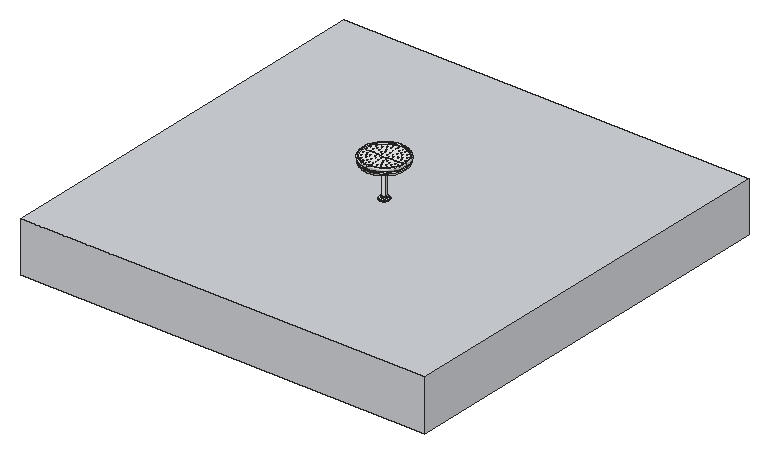
Revit family (continued)
Definition of nested family "13693-base"
  Automatic sketch dimensions
    curve 43 to curve 44 = 0' - 0.11152"
    curve 44 to curve 45 = 0' - 0.11557"
    curve 45 to curve 46 = 0' - 0.13"
    curve 46 to curve 47 = 0' - 0.15114"
    curve 50 to plane 5 "Bottom" = 0' - 1.53186"
    curve 50 to curve 49 = 0' - 0.33871"
    curve 49 to curve 48 = 0' - 0.1306"
    curve 48 to curve 51 = 0' - 0.01632"
    curve 51 to curve 52 = 0' - 0.18528"
    curve 52 to curve 53 = 0' - 0.02421"
    curve 53 to curve 54 = 0' - 0.31949"
    plane 1 "Center (Front/Back)" to Extrusion 2 sketch curve = 0' - 0"
    Extrusion 2 sketch curve to plane 3 "Center (Left/Right)" = 0' - 0"
    Masking region 4 sketch curve to level = 0' - 0"
    Masking region 4 sketch curve to plane 7 "Left" = 0' - 0"
    Masking region 4 sketch curve to plane 8 "Right" = 0' - 0"
    Masking region 4 sketch curve to plane 5 "Bottom" = 0' - 0"
    Masking region 5 sketch curve to plane 5 "Bottom" = 0' - 0"
    Masking region 5 sketch curve to plane 6 "Front" = 0' - 0"
    Masking region 5 sketch curve to level = 0' - 0"
    Masking region 5 sketch curve to plane 4 "Back" = 0' - 0"
    Revolve 1 sketch curve to plane 5 "Bottom" = 0' - 0"
    Revolve 1 sketch curve to level = 0' - 0"
    Revolve 1 sketch curve to plane 3 "Center (Left/Right)" = 0' - 0"
    Revolve 1 sketch curve to plane 3 "Center (Left/Right)" = 0' - 0.07214"
    Revolve 1 sketch curve to plane 3 "Center (Left/Right)" = 0' - 0.26335"
    Revolve 1 sketch curve to plane 3 "Center (Left/Right)" = 0' - 0.33168"
    Revolve 1 sketch curve to Revolve 1 sketch curve = 0' - 0.01568"
    Revolve 1 sketch curve to Revolve 1 sketch curve = 0' - 0.03259"
    Revolve 1 sketch curve to plane 3 "Center (Left/Right)" = 0' - 0 13/32"
    Revolve 1 sketch curve to Revolve 1 sketch curve = 0' - 0.10252"
    Revolve 1 sketch curve to Revolve 1 sketch curve = 0' - 0.19122"
    Revolve 1 sketch curve to Revolve 1 sketch curve = 0' - 0.06779"
    Revolve 1 sketch curve to Revolve 1 sketch curve = 0' - 0.07587"
    Revolve 1 sketch curve to Revolve 1 sketch curve = 0' - 0.01988"
    Revolve 1 sketch curve to Revolve 1 sketch curve = 0' - 0.01241"
    Revolve 1 sketch curve to Revolve 1 sketch curve = 0' - 0.14439"
    Revolve 1 sketch curve to Revolve 1 sketch curve = 0' - 0.00399"
    Revolve 1 sketch curve to Revolve 1 sketch curve = 0' - 0.05969"
    Revolve 1 sketch curve to Revolve 1 sketch curve = 0' - 0.06054"
    Revolve 1 sketch curve to Revolve 1 sketch curve = 0' - 0.08392"
    Revolve 1 sketch curve to Revolve 1 sketch curve = 0' - 0.42276"
    Revolve 1 sketch curve to Revolve 1 sketch curve = 0' - 0.05404"
    Revolve 1 sketch curve to Revolve 1 sketch curve = 0' - 0.40377"
    Revolve 1 sketch curve to Revolve 1 sketch curve = 0' - 0.0007"
    Revolve 1 sketch curve to Revolve 1 sketch curve = 0' - 0.00654"
    level to Revolve 1 sketch curve = 0' - 0.16628"
    Revolve 1 sketch curve to Revolve 1 sketch curve = 0' - 0.01689"
    Revolve 1 sketch curve to Revolve 1 sketch curve = 0' - 0.02679"
    level to Revolve 1 sketch curve = 0' - 0.03783"
    Revolve 1 sketch curve to Revolve 1 sketch curve = 0' - 0.25618"
    plane 7 "Left" to Revolve 1 sketch curve = 0' - 0.61208"
    plane 7 "Left" to Revolve 1 sketch curve = 0' - 0.38809"
    plane 7 "Left" to Revolve 1 sketch curve = 0' - 0.36817"
    Revolve 1 sketch curve to plane 5 "Bottom" = 0' - 0.0404"
    Revolve 1 sketch curve to Revolve 1 sketch curve = 0' - 0.03415"
    Revolve 1 sketch curve to Revolve 1 sketch curve = 0' - 0.06317"
    Revolve 1 sketch curve to Revolve 1 sketch curve = 0' - 0.06593"
    Revolve 1 sketch curve to Revolve 1 sketch curve = 0' - 0.07826"
    plane 7 "Left" to Revolve 1 sketch curve = 0' - 0.17625"
    Revolve 1 sketch curve to Revolve 1 sketch curve = 0' - 0.00904"
    Revolve 1 sketch curve to Revolve 1 sketch curve = 0' - 0.03331"
    plane 7 "Left" to Revolve 1 sketch curve = 0' - 0.11016"
    plane 7 "Left" to Revolve 1 sketch curve = 0' - 0.10808"
    Revolve 1 sketch curve to Revolve 1 sketch curve = 0' - 0.03836"
    Revolve 1 sketch curve to Revolve 1 sketch curve = 0' - 0.02062"
    Revolve 1 sketch curve to Revolve 1 sketch curve = 0' - 0.04077"
    level to Revolve 1 sketch curve = 0' - 0.28818"
    Revolve 1 sketch curve to Revolve 1 sketch curve = 0' - 0.08082"
    Revolve 1 sketch curve to Revolve 1 sketch curve = 0' - 0.25396"
    Revolve 1 sketch curve to plane 5 "Bottom" = 0' - 3.70036"
    Revolve 1 sketch curve to Revolve 1 sketch curve = 0' - 0.02923"
    Revolve 1 sketch curve to Revolve 1 sketch curve = 0' - 0.09733"
    Revolve 1 sketch curve to Revolve 1 sketch curve = 0' - 0.02455"
    Revolve 1 sketch curve to Revolve 1 sketch curve = 0' - 0.59831"
    Revolve 1 sketch curve to Revolve 1 sketch curve = 0' - 0.00312"
    Revolve 1 sketch curve to Revolve 1 sketch curve = 0' - 0.12564"
    Revolve 1 sketch curve to Revolve 1 sketch curve = 0' - 0.06148"
    Revolve 1 sketch curve to Revolve 1 sketch curve = 0' - 0.16711"
    Revolve 1 sketch curve to Revolve 1 sketch curve = 0' - 0.13"
    Revolve 1 sketch curve to Revolve 1 sketch curve = 0' - 0.15118"
    Revolve 1 sketch curve to Revolve 1 sketch curve = 0' - 1.45783"
    Revolve 1 sketch curve to Revolve 1 sketch curve = 0' - 0.33817"
    Revolve 1 sketch curve to Revolve 1 sketch curve = 0' - 0.1311"
    Revolve 1 sketch curve to Revolve 1 sketch curve = 0' - 0.01628"
    Revolve 1 sketch curve to Revolve 1 sketch curve = 0' - 0.18532"
    Revolve 1 sketch curve to Revolve 1 sketch curve = 0' - 0.02428"
    Revolve 1 sketch curve to Revolve 1 sketch curve = 0' - 0.31939"
    Revolve 1 sketch curve to Revolve 1 sketch curve = 0' - 0.04953"
    Extrusion 3 sketch curve to plane 6 "Front" = 0' - 0"
    Extrusion 3 sketch curve to plane 7 "Left" = 0' - 0"
    Extrusion 3 sketch curve to plane 8 "Right" = 0' - 0"
    Extrusion 3 sketch curve to plane 4 "Back" = 0' - 0"
    plane 1 "Center (Front/Back)" to Masking region 6 sketch curve = 0' - 0"
    Masking region 6 sketch curve to plane 3 "Center (Left/Right)" = 0' - 0"
    curve 191 to curve 192 = 0' - 0"  (x2)
    plane 1 "Center (Front/Back)" to curve 191 = 0' - 0"
    curve 191 to plane 3 "Center (Left/Right)" = 0' - 0"
    curve 1 to curve 2 = 0' - 0"  (x2)
    curve 3 to curve 4 = 0' - 0"  (x2)
    curve 5 to curve 6 = 0' - 0"  (x2)
    curve 7 to curve 8 = 0' - 0"  (x2)
    curve 9 to curve 10 = 0' - 0"  (x2)
    curve 55 to curve 56 = 0' - 0"  (x2)
    curve 57 to curve 58 = 0' - 0"  (x2)
    curve 59 to curve 60 = 0' - 0"  (x2)
    curve 61 to curve 62 = 0' - 0"  (x2)
    curve 63 to curve 64 = 0' - 0"  (x2)
    curve 65 to curve 66 = 0' - 0"  (x4)
    curve 67 to curve 68 = 0' - 0"  (x3)
    curve 69 to curve 70 = 0' - 0"  (x4)
    curve 71 to curve 72 = 0' - 0"  (x2)
    curve 73 to curve 74 = 0' - 0"  (x3)
    curve 75 to curve 76 = 0' - 0"  (x3)
    curve 77 to curve 78 = 0' - 0"  (x3)
    curve 79 to curve 80 = 0' - 0"  (x4)
    curve 81 to curve 82 = 0' - 0"  (x2)
    curve 83 to curve 84 = 0' - 0"  (x2)
    curve 85 to curve 86 = 0' - 0"  (x2)
    curve 87 to curve 88 = 0' - 0"  (x2)
    curve 89 to curve 90 = 0' - 0"  (x2)
    curve 91 to curve 92 = 0' - 0"  (x2)
    curve 93 to curve 94 = 0' - 0"  (x2)
    curve 95 to curve 96 = 0' - 0"  (x2)
    curve 97 to curve 98 = 0' - 0"  (x2)
    curve 99 to curve 100 = 0' - 0"  (x2)
    curve 101 to curve 102 = 0' - 0"  (x2)
    curve 103 to curve 104 = 0' - 0"  (x2)
    curve 105 to curve 106 = 0' - 0"  (x2)
    curve 107 to curve 108 = 0' - 0"  (x2)
    curve 109 to curve 110 = 0' - 0"  (x2)
    curve 111 to curve 112 = 0' - 0"  (x2)
    curve 113 to curve 114 = 0' - 0"  (x2)
    curve 115 to curve 116 = 0' - 0"  (x2)
    curve 117 to curve 118 = 0' - 0"  (x2)
    curve 119 to curve 120 = 0' - 0"  (x2)
    curve 121 to curve 122 = 0' - 0"  (x2)
    curve 123 to curve 124 = 0' - 0"  (x2)
    curve 125 to curve 126 = 0' - 0"  (x2)
    curve 127 to curve 128 = 0' - 0"  (x2)
    curve 129 to curve 130 = 0' - 0"  (x2)
    curve 131 to curve 132 = 0' - 0"  (x2)
    curve 133 to curve 134 = 0' - 0"  (x2)
    curve 135 to curve 136 = 0' - 0"  (x2)
    curve 137 to curve 138 = 0' - 0"  (x2)
    curve 139 to curve 140 = 0' - 0"  (x2)
    curve 141 to curve 142 = 0' - 0"  (x2)
    curve 143 to curve 144 = 0' - 0"  (x2)
    curve 145 to curve 146 = 0' - 0"  (x2)
    curve 147 to curve 148 = 0' - 0"  (x2)
    curve 149 to curve 150 = 0' - 0"  (x2)
    curve 151 to curve 152 = 0' - 0"  (x2)
    curve 153 to curve 154 = 0' - 0"  (x2)
    curve 155 to curve 156 = 0' - 0"  (x2)
    curve 157 to curve 158 = 0' - 0"  (x2)
    curve 159 to curve 160 = 0' - 0"  (x2)
    curve 161 to curve 162 = 0' - 0"  (x2)
    curve 163 to curve 164 = 0' - 0"  (x2)
    curve 165 to curve 166 = 0' - 0"  (x2)
    curve 167 to curve 168 = 0' - 0"  (x2)
    curve 169 to curve 170 = 0' - 0"  (x2)
    curve 171 to curve 172 = 0' - 0"  (x2)
    curve 173 to curve 174 = 0' - 0"  (x2)
    curve 175 to curve 176 = 0' - 0"  (x2)
    curve 177 to curve 178 = 0' - 0"  (x2)
    curve 179 to curve 180 = 0' - 0"  (x2)
    curve 181 to curve 182 = 0' - 0"  (x2)
    curve 183 to curve 184 = 0' - 0"  (x2)
    curve 185 to curve 186 = 0' - 0"  (x2)
    curve 187 to curve 188 = 0' - 0"  (x2)
    curve 189 to curve 190 = 0' - 0"  (x2)
    curve 193 to curve 194 = 0' - 0"  (x2)
    curve 195 to curve 196 = 0' - 0"  (x2)
    curve 197 to curve 198 = 0' - 0"  (x2)
    curve 199 to curve 200 = 0' - 0"  (x2)
    curve 201 to curve 202 = 0' - 0"  (x2)
    curve 73 to plane 1 "Center (Front/Back)" = 0' - 0.07254"
    curve 73 to plane 8 "Right" = 0' - 0.97072"
    curve 73 to plane 1 "Center (Front/Back)" = 0' - 0"
    curve 73 to curve 73 = 0' - 0"
    curve 73 to curve 89 = 0' - 0.12597"
    curve 73 to curve 86 = 0' - 0.12597"
    curve 85 to curve 86 = 0' - 0.01878"
    curve 89 to curve 89 = 0' - 0.01878"  (x2)
    curve 85 to curve 85 = 0' - 0.01878"
    curve 85 to curve 172 = 0' - 0.36934"
    curve 89 to curve 181 = 0' - 0.36934"
    curve 181 to curve 181 = 0' - 0.03627"
    curve 172 to curve 172 = 0' - 0.03627"
    curve 171 to curve 172 = 0' - 0.03627"
    curve 181 to curve 182 = 0' - 0.03627"
    curve 76 to plane 1 "Center (Front/Back)" = 0' - 0.07254"
    curve 73 to curve 76 = 0' - 0.84593"
    curve 76 to plane 1 "Center (Front/Back)" = 0' - 0"
    curve 75 to curve 75 = 0' - 0"
    curve 75 to curve 91 = 0' - 0.09715"
    curve 75 to curve 87 = 0' - 0.09715"
    curve 87 to curve 88 = 0' - 0.01878"  (x2)
    curve 91 to curve 92 = 0' - 0.01878"
    curve 91 to curve 91 = 0' - 0.01878"
    curve 171 to curve 121 = 0' - 0.58752"
    curve 181 to curve 125 = 0' - 0.58752"
    curve 126 to curve 125 = 0' - 0.0513"  (x2)
    curve 121 to curve 122 = 0' - 0.0513"
    curve 91 to curve 183 = 0' - 0.28483"
    curve 88 to curve 173 = 0' - 0.28483"
    curve 121 to curve 121 = 0' - 0.0513"
    curve 125 to curve 125 = 0' - 0.0513"
    curve 174 to curve 174 = 0' - 0.03627"
    curve 184 to curve 183 = 0' - 0.03627"
    curve 183 to curve 183 = 0' - 0.03627"
    curve 173 to curve 174 = 0' - 0.03627"
    curve 77 to plane 1 "Center (Front/Back)" = 0' - 0.07254"
    curve 75 to curve 77 = 0' - 0.8498"
    curve 78 to plane 1 "Center (Front/Back)" = 0' - 0"
    curve 77 to curve 77 = 0' - 0"
    curve 173 to curve 124 = 0' - 0.45309"
    curve 183 to curve 127 = 0' - 0.45309"
    curve 123 to curve 123 = 0' - 0.0513"  (x2)
    curve 127 to curve 127 = 0' - 0.0513"  (x3)
    curve 183 to curve 185 = 0' - 0.73595"
    curve 173 to curve 175 = 0' - 0.73595"
    curve 176 to curve 175 = 0' - 0.03627"
    curve 186 to curve 185 = 0' - 0.03627"
    curve 125 to curve 154 = 0' - 0.76568"
    curve 121 to curve 129 = 0' - 0.76568"
    curve 185 to curve 185 = 0' - 0.03627"
    curve 175 to curve 175 = 0' - 0.03627"
    curve 153 to curve 154 = 0' - 0.06282"  (x2)
    curve 129 to curve 129 = 0' - 0.06282"  (x2)
    curve 127 to curve 156 = 0' - 0.59048"
    curve 123 to curve 132 = 0' - 0.59048"
    curve 79 to plane 1 "Center (Front/Back)" = 0' - 0.07255"
    curve 77 to curve 79 = 0' - 0.85058"
    curve 80 to plane 1 "Center (Front/Back)" = 0' - 0"
    curve 131 to curve 132 = 0' - 0.06282"
    curve 155 to curve 155 = 0' - 0.06282"
    curve 155 to curve 156 = 0' - 0.06282"
    curve 131 to curve 131 = 0' - 0.06282"
    curve 79 to curve 188 = 0' - 0.19172"
    curve 79 to curve 177 = 0' - 0.19172"
    curve 187 to curve 188 = 0' - 0.03627"  (x2)
    curve 178 to curve 178 = 0' - 0.03627"  (x2)
    curve 131 to curve 134 = 0' - 0.4249"
    curve 155 to curve 157 = 0' - 0.4249"
    curve 134 to curve 134 = 0' - 0.06282"
    curve 157 to curve 158 = 0' - 0.06282"
    curve 157 to curve 157 = 0' - 0.06282"
    curve 133 to curve 133 = 0' - 0.06282"
    curve 129 to curve 102 = 0' - 0.89165"
    curve 153 to curve 105 = 0' - 0.89165"
    curve 106 to curve 106 = 0' - 0.07007"
    curve 101 to curve 102 = 0' - 0.07007"
    curve 105 to curve 105 = 0' - 0.07007"
    curve 101 to curve 101 = 0' - 0.07007"
    curve 155 to curve 108 = 0' - 0.68763"
    curve 131 to curve 103 = 0' - 0.68763"
    curve 177 to curve 135 = 0' - 0.52378"
    curve 187 to curve 159 = 0' - 0.52378"
    curve 104 to curve 104 = 0' - 0.07007"
    curve 108 to curve 108 = 0' - 0.07007"
    curve 135 to curve 135 = 0' - 0.06282"
    curve 159 to curve 159 = 0' - 0.06282"
    curve 103 to curve 104 = 0' - 0.07007"
    curve 107 to curve 108 = 0' - 0.07007"
    curve 159 to curve 160 = 0' - 0.06282"
    curve 135 to curve 136 = 0' - 0.06282"
    curve 179 to plane 1 "Center (Front/Back)" = 0' - 0.36195"
    plane 3 "Center (Left/Right)" to curve 179 = 0' - 0.772"
    plane 1 "Center (Front/Back)" to curve 190 = 0' - 0.36195"
    curve 190 to curve 180 = 0' - 0"
    curve 189 to curve 190 = 0' - 0.03627"  (x2)
    curve 179 to curve 179 = 0' - 0.03627"  (x2)
    plane 3 "Center (Left/Right)" to curve 4 = 0' - 0.07255"
    plane 3 "Center (Left/Right)" to curve 8 = 0' - 0.07255"
    plane 3 "Center (Left/Right)" to curve 62 = 0' - 0.07255"
    plane 3 "Center (Left/Right)" to curve 9 = 0' - 0.07255"
    plane 3 "Center (Left/Right)" to curve 6 = 0' - 0.07255"
    plane 3 "Center (Left/Right)" to curve 2 = 0' - 0.07255"
    plane 3 "Center (Left/Right)" to curve 55 = 0' - 0.07255"
    plane 3 "Center (Left/Right)" to curve 63 = 0' - 0.07255"
    plane 3 "Center (Left/Right)" to curve 57 = 0' - 0.07255"
    plane 3 "Center (Left/Right)" to curve 59 = 0' - 0.07255"
    plane 3 "Center (Left/Right)" to curve 61 = 0' - 0"
    plane 3 "Center (Left/Right)" to curve 60 = 0' - 0"
    plane 3 "Center (Left/Right)" to curve 58 = 0' - 0"
    plane 3 "Center (Left/Right)" to curve 3 = 0' - 0"
    plane 3 "Center (Left/Right)" to curve 56 = 0' - 0"
    plane 3 "Center (Left/Right)" to curve 10 = 0' - 0"
    plane 3 "Center (Left/Right)" to curve 2 = 0' - 0"
    plane 3 "Center (Left/Right)" to curve 8 = 0' - 0"
    plane 3 "Center (Left/Right)" to curve 63 = 0' - 0"
    plane 3 "Center (Left/Right)" to curve 6 = 0' - 0"
    curve 202 to plane 3 "Center (Left/Right)" = 0' - 0.69946"
    curve 169 to plane 3 "Center (Left/Right)" = 0' - 0.69946"
    curve 170 to curve 169 = 0' - 0.03627"
    curve 201 to curve 202 = 0' - 0.03627"
    curve 169 to curve 170 = 0' - 0.03627"
    curve 201 to curve 201 = 0' - 0.03627"
    curve 7 to curve 143 = 0' - 0.7155"
    curve 61 to curve 151 = 0' - 0.7155"
    curve 3 to curve 100 = 0' - 0.73792"
    curve 57 to curve 112 = 0' - 0.73792"
    curve 151 to curve 151 = 0' - 0.06282"  (x2)
    curve 143 to curve 143 = 0' - 0.06282"  (x2)
    curve 99 to curve 100 = 0' - 0.07007"
    curve 111 to curve 112 = 0' - 0.07007"  (x2)
    curve 99 to curve 99 = 0' - 0.07007"
    curve 111 to curve 109 = 0' - 0.21894"
    curve 99 to curve 97 = 0' - 0.21894"
    curve 109 to curve 109 = 0' - 0.07007"  (x2)
    curve 97 to curve 98 = 0' - 0.07007"
    curve 97 to curve 97 = 0' - 0.07007"
    curve 152 to curve 149 = 0' - 0.42529"
    curve 144 to curve 141 = 0' - 0.42529"
    curve 149 to curve 150 = 0' - 0.06282"
    curve 142 to curve 141 = 0' - 0.06282"
    curve 141 to curve 141 = 0' - 0.06282"
    curve 149 to curve 149 = 0' - 0.06282"
    curve 143 to curve 168 = 0' - 0.52378"
    curve 151 to curve 200 = 0' - 0.52378"
    curve 168 to curve 167 = 0' - 0.03627"
    curve 199 to curve 200 = 0' - 0.03627"
    curve 199 to curve 199 = 0' - 0.03627"
    curve 167 to curve 168 = 0' - 0.03627"
    curve 99 to curve 140 = 0' - 0.68763"
    curve 111 to curve 148 = 0' - 0.68763"
    curve 148 to curve 147 = 0' - 0.06282"
    curve 139 to curve 139 = 0' - 0.06282"  (x2)
    plane 1 "Center (Front/Back)" to curve 72 = 0' - 0.07254"
    curve 199 to curve 72 = 0' - 0.19172"
    curve 71 to plane 1 "Center (Front/Back)" = 0' - 0"
    curve 71 to curve 71 = 0' - 0"  (x2)
    curve 147 to curve 148 = 0' - 0.06282"
    curve 148 to curve 146 = 0' - 0.42296"
    curve 140 to curve 138 = 0' - 0.42296"
    curve 137 to curve 138 = 0' - 0.06282"  (x2)
    curve 146 to curve 146 = 0' - 0.06282"
    curve 168 to curve 165 = 0' - 0.73662"
    curve 199 to curve 198 = 0' - 0.73662"
    curve 145 to curve 145 = 0' - 0.06282"
    curve 166 to curve 166 = 0' - 0.03627"
    curve 198 to curve 198 = 0' - 0.03627"
    curve 165 to curve 165 = 0' - 0.03627"
    curve 197 to curve 198 = 0' - 0.03627"
    curve 147 to curve 115 = 0' - 0.59048"
    curve 140 to curve 120 = 0' - 0.59048"
    curve 115 to curve 116 = 0' - 0.0513"  (x3)
    curve 119 to curve 120 = 0' - 0.0513"
    curve 119 to curve 119 = 0' - 0.0513"  (x2)
    plane 1 "Center (Front/Back)" to curve 70 = 0' - 0.07254"
    curve 72 to curve 70 = 0' - 0.85058"
    curve 70 to plane 1 "Center (Front/Back)" = 0' - 0"
    curve 115 to curve 195 = 0' - 0.45309"
    curve 119 to curve 163 = 0' - 0.45309"
    curve 163 to curve 163 = 0' - 0.03627"
    curve 195 to curve 196 = 0' - 0.03627"
    curve 119 to curve 118 = 0' - 0.59816"
    curve 115 to curve 114 = 0' - 0.59816"
    curve 195 to curve 195 = 0' - 0.03627"
    curve 163 to curve 164 = 0' - 0.03627"
    curve 117 to curve 118 = 0' - 0.0513"  (x2)
    curve 113 to curve 113 = 0' - 0.0513"  (x2)
    curve 113 to curve 114 = 0' - 0.0513"
    curve 163 to curve 83 = 0' - 0.28483"
    curve 195 to curve 96 = 0' - 0.28483"
    curve 84 to curve 83 = 0' - 0.01878"
    curve 96 to curve 96 = 0' - 0.01878"
    curve 95 to curve 96 = 0' - 0.01878"
    curve 83 to curve 83 = 0' - 0.01878"
    plane 1 "Center (Front/Back)" to curve 67 = 0' - 0.07254"
    curve 95 to curve 67 = 0' - 0.09715"
    curve 68 to plane 1 "Center (Front/Back)" = 0' - 0"
    curve 67 to curve 67 = 0' - 0"
    curve 163 to curve 162 = 0' - 0.73259"
    curve 195 to curve 193 = 0' - 0.73259"
    curve 193 to curve 194 = 0' - 0.03627"
    curve 161 to curve 162 = 0' - 0.03627"
    curve 161 to curve 161 = 0' - 0.03627"
    curve 193 to curve 193 = 0' - 0.03627"
    curve 84 to curve 82 = 0' - 0.8171"
    curve 96 to curve 93 = 0' - 0.8171"
    curve 93 to curve 94 = 0' - 0.01878"  (x2)
    curve 81 to curve 82 = 0' - 0.01878"
    curve 81 to curve 81 = 0' - 0.01878"
    plane 1 "Center (Front/Back)" to curve 65 = 0' - 0.07254"
    curve 67 to curve 65 = 0' - 0.84593"
    curve 66 to plane 1 "Center (Front/Back)" = 0' - 0"
    curve 179 to curve 179 = 0' - 0.06282"
    curve 170 to plane 1 "Center (Front/Back)" = 0' - 0.42478"
    curve 169 to curve 169 = 0' - 0.06282"
    curve 177 to curve 79 = 0' - 0.7155"
    curve 168 to curve 71 = 0' - 0.7155"
    curve 87 to curve 75 = 0' - 0.73792"
    curve 84 to curve 67 = 0' - 0.73792"
    curve 10 to curve 179 = 0' - 0.36195"
    curve 167 to curve 168 = 0' - 0.06282"
    curve 177 to curve 178 = 0' - 0.06282"
    curve 83 to curve 83 = 0' - 0.07007"
    curve 87 to curve 87 = 0' - 0.07007"
    curve 86 to curve 88 = 0' - 0.21894"
    curve 82 to curve 84 = 0' - 0.21894"
    curve 82 to curve 81 = 0' - 0.07007"
    curve 86 to curve 85 = 0' - 0.07007"
    curve 175 to curve 178 = 0' - 0.42529"
    curve 166 to curve 168 = 0' - 0.42529"
    curve 176 to curve 176 = 0' - 0.06282"
    curve 165 to curve 165 = 0' - 0.06282"
    curve 135 to curve 178 = 0' - 0.52378"
    curve 144 to curve 167 = 0' - 0.52378"
    curve 135 to curve 135 = 0' - 0.03627"
    curve 143 to curve 143 = 0' - 0.03627"
    curve 173 to curve 88 = 0' - 0.68763"
    curve 163 to curve 83 = 0' - 0.68763"
    curve 164 to curve 164 = 0' - 0.06282"
    curve 174 to curve 174 = 0' - 0.06282"
    curve 8 to curve 135 = 0' - 0.19172"
    curve 171 to curve 174 = 0' - 0.42296"
    curve 161 to curve 164 = 0' - 0.42296"
    curve 172 to curve 172 = 0' - 0.06282"
    curve 161 to curve 162 = 0' - 0.06282"
    curve 142 to curve 143 = 0' - 0.73662"
    curve 134 to curve 135 = 0' - 0.73662"
    curve 134 to curve 134 = 0' - 0.03627"
    curve 142 to curve 141 = 0' - 0.03627"
    curve 124 to curve 173 = 0' - 0.59048"
    curve 119 to curve 163 = 0' - 0.59048"
    curve 124 to curve 123 = 0' - 0.0513"
    curve 5 to curve 8 = 0' - 0.85058"
    curve 131 to curve 123 = 0' - 0.45309"
    curve 140 to curve 119 = 0' - 0.45309"
    curve 132 to curve 131 = 0' - 0.03627"
    curve 140 to curve 139 = 0' - 0.03627"
    curve 118 to curve 120 = 0' - 0.59816"
    curve 122 to curve 124 = 0' - 0.59816"
    curve 118 to curve 117 = 0' - 0.0513"
    curve 122 to curve 121 = 0' - 0.0513"
    curve 99 to curve 140 = 0' - 0.28483"
    curve 104 to curve 131 = 0' - 0.28483"
    curve 104 to curve 104 = 0' - 0.01878"
    curve 99 to curve 100 = 0' - 0.01878"
    curve 3 to curve 103 = 0' - 0.09715"
    curve 138 to curve 139 = 0' - 0.73259"
    curve 129 to curve 131 = 0' - 0.73259"
    curve 137 to curve 138 = 0' - 0.03627"
    curve 130 to curve 129 = 0' - 0.03627"
    curve 101 to curve 104 = 0' - 0.8171"
    curve 97 to curve 100 = 0' - 0.8171"
    curve 97 to curve 98 = 0' - 0.01878"
    curve 101 to curve 101 = 0' - 0.01878"
    curve 1 to curve 3 = 0' - 0.84593"
    plane 1 "Center (Front/Back)" to curve 202 = 0' - 0.36195"
    curve 202 to curve 201 = 0' - 0.06282"
    curve 189 to curve 190 = 0' - 0.06282"
    curve 71 to curve 200 = 0' - 0.71551"
    curve 79 to curve 187 = 0' - 0.71551"
    curve 75 to curve 92 = 0' - 0.73792"
    curve 67 to curve 96 = 0' - 0.73792"
    curve 189 to curve 63 = 0' - 0.36195"
    curve 188 to curve 187 = 0' - 0.06282"
    curve 199 to curve 200 = 0' - 0.06282"
    curve 95 to curve 96 = 0' - 0.07007"
    curve 91 to curve 91 = 0' - 0.07007"
    curve 92 to curve 90 = 0' - 0.21894"
    curve 96 to curve 94 = 0' - 0.21894"
    curve 89 to curve 90 = 0' - 0.07007"
    curve 93 to curve 93 = 0' - 0.07007"
    curve 199 to curve 197 = 0' - 0.42529"
    curve 188 to curve 186 = 0' - 0.42529"
    curve 197 to curve 198 = 0' - 0.06282"
    curve 186 to curve 185 = 0' - 0.06282"
    curve 187 to curve 160 = 0' - 0.52378"
    curve 199 to curve 152 = 0' - 0.52378"
    curve 152 to curve 151 = 0' - 0.03627"
    curve 159 to curve 160 = 0' - 0.03627"
    curve 95 to curve 196 = 0' - 0.68763"
    curve 92 to curve 184 = 0' - 0.68763"
    curve 196 to curve 195 = 0' - 0.06282"
    curve 184 to curve 183 = 0' - 0.06282"
    curve 159 to curve 62 = 0' - 0.19172"
    curve 196 to curve 194 = 0' - 0.42296"
    curve 184 to curve 181 = 0' - 0.42296"
    curve 194 to curve 194 = 0' - 0.06282"
    curve 181 to curve 182 = 0' - 0.06282"
    curve 159 to curve 158 = 0' - 0.73662"
    curve 151 to curve 150 = 0' - 0.73662"
    curve 157 to curve 157 = 0' - 0.03627"
    curve 149 to curve 150 = 0' - 0.03627"
    curve 183 to curve 127 = 0' - 0.59048"
    curve 195 to curve 115 = 0' - 0.59048"
    curve 62 to curve 59 = 0' - 0.85058"
    curve 127 to curve 156 = 0' - 0.45309"
    curve 115 to curve 147 = 0' - 0.45309"
    curve 147 to curve 148 = 0' - 0.03627"
    curve 155 to curve 155 = 0' - 0.03627"
    curve 128 to curve 126 = 0' - 0.59816"
    curve 116 to curve 113 = 0' - 0.59816"
    curve 155 to curve 107 = 0' - 0.28483"
    curve 147 to curve 112 = 0' - 0.28483"
    curve 107 to curve 107 = 0' - 0.01878"
    curve 112 to curve 111 = 0' - 0.01878"
    curve 107 to curve 57 = 0' - 0.09715"
    curve 147 to curve 146 = 0' - 0.73259"
    curve 156 to curve 153 = 0' - 0.73259"
    curve 145 to curve 146 = 0' - 0.03627"
    curve 153 to curve 153 = 0' - 0.03627"
    curve 108 to curve 105 = 0' - 0.8171"
    curve 112 to curve 109 = 0' - 0.8171"
    curve 110 to curve 110 = 0' - 0.01878"
    curve 105 to curve 106 = 0' - 0.01878"
    curve 57 to curve 55 = 0' - 0.84593"
    plane 7 "Left" to curve 30 = 0' - 0.08746"
    plane 7 "Left" to curve 29 = 0' - 0.09554"
    curve 30 to curve 31 = 0' - 0.02062"
    plane 7 "Left" to curve 32 = 0' - 0.11016"
    curve 29 to curve 28 = 0' - 0.07167"
    curve 28 to curve 27 = 0' - 0.00904"
    plane 7 "Left" to curve 26 = 0' - 0.38809"
    curve 25 to plane 3 "Center (Left/Right)" = 0' - 1.16718"
    level to curve 11 = 0' - 0.03783"  (x2)
    curve 11 to plane 3 "Center (Left/Right)" = 0' - 1.11901"
    curve 11 to curve 12 = 0' - 0.02679"
    curve 25 to curve 24 = 0' - 0.25618"
    curve 24 to curve 23 = 0' - 0.05404"
    curve 12 to curve 13 = 0' - 0.48189"
    curve 16 to plane 3 "Center (Left/Right)" = 0' - 0.49452"
    curve 16 to curve 17 = 0' - 0.00061"
    curve 17 to curve 18 = 0' - 0.01988"
    curve 20 to plane 3 "Center (Left/Right)" = 0' - 0.45457"
    curve 20 to curve 19 = 0' - 0"  (x2)
    curve 13 to curve 14 = 0' - 0.20408"
    curve 16 to curve 15 = 0' - 0.08828"
    curve 20 to curve 21 = 0' - 0.1072"
    curve 21 to curve 22 = 0' - 0.01568"
    plane 3 "Center (Left/Right)" to curve 22 = 0' - 0.33168"
    curve 22 to curve 21 = 0' - 0.01568"
    plane 3 "Center (Left/Right)" to curve 15 = 0' - 0 13/32"
    plane 3 "Center (Left/Right)" to curve 14 = 0' - 0 13/32"
    curve 21 to curve 20 = 0' - 0.1072"
    curve 15 to curve 18 = 0' - 0.06779"
    curve 18 to curve 17 = 0' - 0.01988"
    curve 15 to curve 16 = 0' - 0.08828"
    curve 14 to curve 13 = 0' - 0.20408"
    curve 20 to curve 23 = 0' - 0.40239"
    curve 23 to curve 24 = 0' - 0.05404"
    level to curve 12 = 0' - 0.16628"
    curve 13 to curve 12 = 0' - 0.48189"
    curve 12 to curve 11 = 0' - 0.02679"
    curve 24 to curve 25 = 0' - 0.25618"
    curve 26 to plane 8 "Right" = 0' - 0.38809"
    curve 27 to plane 8 "Right" = 0' - 0.17625"
    curve 27 to curve 28 = 0' - 0.00904"
    curve 32 to plane 8 "Right" = 0' - 0.11016"
    curve 31 to plane 8 "Right" = 0' - 0.10808"
    curve 28 to curve 29 = 0' - 0.07167"
    curve 31 to curve 30 = 0' - 0.02062"
    level to curve 13 = 0' - 0.37506"
    curve 13 to curve 14 = 0' - 0.31351"
    curve 15 to plane 5 "Bottom" = 0' - 3.70036"
    curve 15 to curve 16 = 0' - 0.02923"
    curve 16 to curve 17 = 0' - 0.09733"
    curve 17 to curve 18 = 0' - 0.02455"
    curve 18 to curve 19 = 0' - 0.60143"
    curve 19 to curve 20 = 0' - 0.12564"
    curve 20 to curve 21 = 0' - 0.08591"
    curve 21 to curve 22 = 0' - 0.1116"
    curve 20 to curve 23 = 0' - 0.3145"
    curve 23 to curve 24 = 0' - 0.13"
    curve 24 to curve 25 = 0' - 0.15118"
    curve 26 to plane 5 "Bottom" = 0' - 1.53182"
    curve 26 to curve 27 = 0' - 0.33817"
    curve 27 to curve 28 = 0' - 0.1311"
    curve 28 to curve 29 = 0' - 0.01628"
    curve 29 to curve 30 = 0' - 0.18532"
    curve 30 to curve 31 = 0' - 0.02428"
    curve 31 to curve 32 = 0' - 0.31939"
    Extrusion 4 sketch curve to plane 3 "Center (Left/Right)" = 0' - 0.07254"  (x10)
    plane 3 "Center (Left/Right)" to Extrusion 4 sketch curve = 0' - 0"  (x10)
    Extrusion 4 sketch curve to plane 4 "Back" = 0' - 0.97072"
    Extrusion 4 sketch curve to Extrusion 4 sketch curve = 0' - 0.84593"  (x3)
    Extrusion 4 sketch curve to Extrusion 4 sketch curve = 0' - 0.8498"  (x4)
    Extrusion 4 sketch curve to Extrusion 4 sketch curve = 0' - 0.85058"  (x4)
    Extrusion 4 sketch curve to plane 1 "Center (Front/Back)" = 0' - 0.84955"
    Extrusion 4 sketch curve to Extrusion 4 sketch curve = 0' - 0"  (x88)
    plane 3 "Center (Left/Right)" to Extrusion 4 sketch curve = 0' - 0.69946"  (x2)
    Extrusion 4 sketch curve to Extrusion 4 sketch curve = 0' - 0.03627"  (x56)
    Extrusion 4 sketch curve to plane 1 "Center (Front/Back)" = 0' - 0.4876"
    Extrusion 4 sketch curve to Extrusion 4 sketch curve = 0' - 0.06282"  (x51)
    Extrusion 4 sketch curve to Extrusion 4 sketch curve = 0' - 0.7155"  (x3)
    Extrusion 4 sketch curve to Extrusion 4 sketch curve = 0' - 0.26426"
    Extrusion 4 sketch curve to Extrusion 4 sketch curve = 0' - 0.42529"  (x5)
    Extrusion 4 sketch curve to Extrusion 4 sketch curve = 0' - 0.73662"  (x6)
    Extrusion 4 sketch curve to Extrusion 4 sketch curve = 0' - 0.4249"  (x8)
    Extrusion 4 sketch curve to Extrusion 4 sketch curve = 0' - 0.73594"  (x4)
    Extrusion 4 sketch curve to Extrusion 4 sketch curve = 0' - 0.42296"  (x6)
    Extrusion 4 sketch curve to Extrusion 4 sketch curve = 0' - 0.73259"  (x6)
    Extrusion 4 sketch curve to Extrusion 4 sketch curve = 0' - 0.95685"
    Extrusion 4 sketch curve to Extrusion 4 sketch curve = 0' - 0.07007"  (x24)
    Extrusion 4 sketch curve to Extrusion 4 sketch curve = 0' - 0.36933"
    Extrusion 4 sketch curve to Extrusion 4 sketch curve = 0' - 0.01878"  (x24)
    Extrusion 4 sketch curve to Extrusion 4 sketch curve = 0' - 0.73791"
    Extrusion 4 sketch curve to Extrusion 4 sketch curve = 0' - 0.28483"  (x4)
    Extrusion 4 sketch curve to Extrusion 4 sketch curve = 0' - 0.59048"  (x4)
    Extrusion 4 sketch curve to Extrusion 4 sketch curve = 0' - 0.0513"  (x24)
    Extrusion 4 sketch curve to Extrusion 4 sketch curve = 0' - 0.55568"
    Extrusion 4 sketch curve to Extrusion 4 sketch curve = 0' - 0.59816"  (x3)
    Extrusion 4 sketch curve to Extrusion 4 sketch curve = 0' - 0.58752"  (x3)
    Extrusion 4 sketch curve to Extrusion 4 sketch curve = 0' - 0.89132"
    Extrusion 4 sketch curve to Extrusion 4 sketch curve = 0' - 0.45309"  (x4)
    Extrusion 4 sketch curve to Extrusion 4 sketch curve = 0' - 0.73595"  (x4)
    Extrusion 4 sketch curve to Extrusion 4 sketch curve = 0' - 0.52378"  (x4)
    Extrusion 4 sketch curve to plane 1 "Center (Front/Back)" = 0' - 0.78805"
    Extrusion 4 sketch curve to Extrusion 4 sketch curve = 0' - 0.19172"  (x3)
    Extrusion 4 sketch curve to plane 1 "Center (Front/Back)" = 0' - 0"  (x8)
    plane 1 "Center (Front/Back)" to Extrusion 4 sketch curve = 0' - 0.07254"  (x3)
    Extrusion 4 sketch curve to Extrusion 4 sketch curve = 0' - 0.16352"
    Extrusion 4 sketch curve to Extrusion 4 sketch curve = 0' - 0.95686"
    Extrusion 4 sketch curve to Extrusion 4 sketch curve = 0' - 0.8171"  (x6)
    Extrusion 4 sketch curve to Extrusion 4 sketch curve = 0' - 0.21894"  (x6)
    Extrusion 4 sketch curve to Extrusion 4 sketch curve = 0' - 0.44188"
    Extrusion 4 sketch curve to Extrusion 4 sketch curve = 0' - 0.89166"  (x2)
    plane 1 "Center (Front/Back)" to Extrusion 4 sketch curve = 0' - 0.4876"
    Extrusion 4 sketch curve to Extrusion 4 sketch curve = 0' - 0.36195"
    plane 3 "Center (Left/Right)" to Extrusion 4 sketch curve = 0' - 0.78804"
    Extrusion 4 sketch curve to Extrusion 4 sketch curve = 0' - 0.59632"
    Extrusion 4 sketch curve to Extrusion 4 sketch curve = 0' - 0.76568"  (x2)
    Extrusion 4 sketch curve to Extrusion 4 sketch curve = 0' - 0.58753"  (x2)
    plane 3 "Center (Left/Right)" to Extrusion 4 sketch curve = 0' - 0.81046"
    Extrusion 4 sketch curve to Extrusion 4 sketch curve = 0' - 0.32238"  (x2)
    plane 6 "Front" to Extrusion 4 sketch curve = 0' - 0.97072"
    Extrusion 4 sketch curve to Extrusion 4 sketch curve = 0' - 0.09715"  (x3)
    Extrusion 4 sketch curve to Extrusion 4 sketch curve = 0' - 0.89165"
    Extrusion 4 sketch curve to Extrusion 4 sketch curve = 0' - 0.12597"  (x2)
    Extrusion 4 sketch curve to Extrusion 4 sketch curve = 0' - 0.68763"  (x4)
    Extrusion 4 sketch curve to Extrusion 4 sketch curve = 0' - 0.76567"  (x2)
    plane 1 "Center (Front/Back)" to Extrusion 4 sketch curve = 0' - 0.36195"
    Extrusion 4 sketch curve to plane 3 "Center (Left/Right)" = 0' - 0.772"
    Extrusion 4 sketch curve to Extrusion 4 sketch curve = 0' - 0.12565"
    Extrusion 4 sketch curve to plane 1 "Center (Front/Back)" = 0' - 0.07254"  (x2)
    Extrusion 4 sketch curve to plane 1 "Center (Front/Back)" = 0' - 0.07255"
    Extrusion 4 sketch curve to Extrusion 4 sketch curve = 0' - 0.73792"  (x2)
    Extrusion 4 sketch curve to Extrusion 4 sketch curve = 0' - 0.36934"
    Extrusion 4 sketch curve to plane 1 "Center (Front/Back)" = 0' - 0.36195"
    radius of Extrusion 2 sketch curve = 0' - 0 1/2"
    radius of Masking region 6 sketch curve = 0' - 5 7/32"
    radius of curve 191 = 0' - 4.85463"
    radius of curve 192 = 0' - 4.94492"
Types (8): name | Finish
  (no name) | Metal-Kohler-CP-Polished Chrome
  Metal-CP-Polished_Chrome | Metal-Kohler-CP-Polished Chrome
  Metal-2BZ-Oil_Rubbed_Bronze | Metal-Kohler-2BZ-Oil Rubbed Bronze
  Metal-AF-Vibrant_French_Gold | Metal-Kohler-AF-Vibrant French Gold
  Metal-BN-Vibrant_Brushed_Nickel | Metal-Kohler-BN-Vibrant Brushed Nickel
  Metal-BRZ-Oil_Rubbed_Bronze | Metal-Kohler-BRZ-Oil Rubbed Bronze
  Metal-BV-Vibrant_Brushed_Bronze | Metal-Kohler-BV-Vibrant Brushed Bronze
  Metal-SN-Vibrant_Polished_Nickel | Metal-Kohler-SN-Vibrant Polished Nickel
